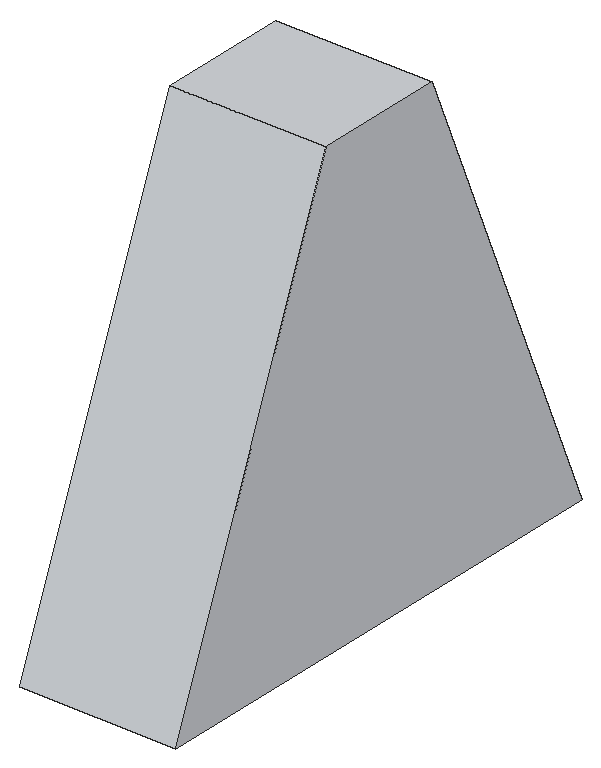
Revit family "Anti-climb Device", category Generic Models, Revit 2024
Family settings
  Can host rebar = No
  Round Connector Dimension = Use Diameter
  Part Type = Normal
  Work Plane-Based = No
  Always vertical = Yes
  Cut with Voids When Loaded = No
  Maintain Annotation Orientation = No
  Shared = No
  Room Calculation Point = No
Parameters
  Width = 250 mm
  Vertical Distance between handrail and access restriction device = 0 mm
  Vertical Distance between floor and lower end = 0 mm
  Taper Angle = 22.2359°
  Outer Lower Decking Width = 0 mm
  Length = 719.664 mm
  Height = 733.812 mm
  Default Elevation = 0 mm
Reference planes
  plane 1 "Center (Front/Back)": y = 0
  plane 2: z = 0
  plane 3 "Center (Left/Right)": x = 0
  plane 4: y = 813.753
  plane 5: z = 733.812
  plane 6: x = 250
Forms (mm)
  Extrusion 1, solid
    sketch origin (0, 0, 0) x (0, 1, 0) y (0, 0, 1)
      loop
        line (0, 0) -> (813.753, 0) -> (513.753, 733.812) -> (300, 733.812) -> (0, 0)
    from 0 to 250
Dimensions and locks
  "Height": plane 5 to level
  "Width": plane 6 to plane 3 "Center (Left/Right)"
  "Taper Angle": angle plane 4 to Extrusion 1 sketch curve
  "Taper Angle": angle Extrusion 1 sketch curve to plane 1 "Center (Front/Back)"
  aligned and locked: level to plane 2
  aligned and locked: plane 4 to Extrusion 1 sketch curve
  aligned and locked: plane 5 to Extrusion 1 sketch curve  (x2)
  aligned and locked: plane 6 to Extrusion 1
Automatic sketch dimensions
  Extrusion 1 sketch curve to level = 0 mm
  Extrusion 1 sketch curve to plane 1 "Center (Front/Back)" = 0 mm
